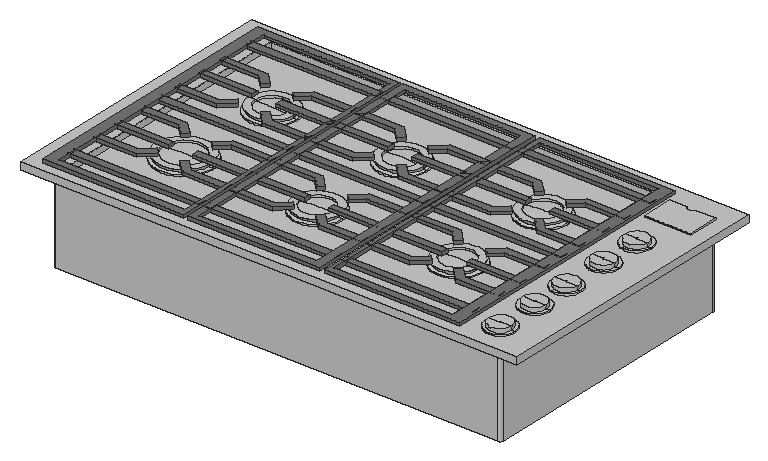
Revit family "DTG36M955F_Revit", category Specialty Equipment, Revit 2014
Parameters (values of type "DTG36M955F")
  Width = 36"
  WI FI HOOD CONNECTIVITY = "YES"
  VOLTS (V) = "120"
  Unit = Stainless Steel
  TOTAL NUMBER OF COOKTOP BURNERS = "5 (BRASS)"
  Support = Plastic-Black
  SEALED BURNERS = "YES"
  RIGHT REAR BURNER (BTU) = "9,500 (STACK BURNER)"
  RIGHT FRONT BURNER (BTU) = "9,500 (STACK BURNER)"
  Model = "DTG36M955F"
  Manufacturer = "Dacor"
  LP CONVERSION KIT = "YES"
  LIMITED, PARTS AND LABOR = "1 YEAR"
  LEFT REAR BURNER (BTU) = "13,000 (STACK BURNER)"
  LEFT FRONT BURNER (BTU) = "13,000 (STACK BURNER)"
  LED KNOB BACKLIGHT + INDICATOR = "YES"
  INSTALLATION TYPE = "LOW-PROFILE (FLUSH)"
  Height = 6 1/2"
  GAS TYPE = "NATURAL GAS"
  FREQUENCY (HZ) = "60"
  ENERGY SOURCE = "GAS AND ELECTRIC"
  DISHWASHER SAFE KNOBS = "YES"
  CONTROL LOCATION = "RIGHT"
  CIRCUIT BREAKER (A) = "15"
  CENTER BURNER POWER (BTU) = "18,500 (DUAL BURNER)"
  Burner = Stainless Steel
  Adjustment = Stainless Steel
  Description = "36-INCH GAS COOKTOP MODERNIST COLLECTION"
  Depth = 21"
  AUTOMATIC REIGNITION = "YES"
Reference planes (in)
  plane 1 "Center (Front/Back)": y = 0
  plane 2: z = 0
  plane 3 "Center (Left/Right)": x = 0
  plane 4: y = 10.5
  plane 5: y = -10.5
  plane 6: x = -18
  plane 7: x = 18
  plane 8: z = 6.5
  plane 9: y = -12.375
  plane 10: x = -16.25
  plane 11: x = 16.25
  plane 12: y = 9.75
  plane 13: y = -9.75
  plane 14: z = 6
Forms (in)
  Extrusion 1, solid, material "Stainless Steel" <- "Unit"
    sketch origin (0, 0, 0) x (1, 0, 0) y (0, 1, 0)
      loop
        arc (-16, 9.75) -> (-16.17678, 9.67678) -> (-16.25, 9.5) r 0.25
        line (-16.25, 9.5) -> (-16.25, -9.5)
        arc (-16.25, -9.5) -> (-16.17678, -9.67678) -> (-16, -9.75) r 0.25
        line (-16, -9.75) -> (16, -9.75)
        arc (16, -9.75) -> (16.17678, -9.67678) -> (16.25, -9.5) r 0.25
        line (16.25, -9.5) -> (16.25, 9.5)
        arc (16.25, 9.5) -> (16.17678, 9.67678) -> (16, 9.75) r 0.25
        line (16, 9.75) -> (-16, 9.75)
    from 0 to 6
  Extrusion 2, solid, material "Stainless Steel" <- "Unit"
    sketch origin (0, 0, 0) x (1, 0, 0) y (0, 1, 0)
      loop
        line (-18, 10.5) -> (-18, -10.5) -> (18, -10.5) -> (18, 10.5) -> (-18, 10.5)
      loop
        line (-15.6501, 9.25334) -> (-15.6501, -9.24666) -> (12.0999, -9.24666) -> (12.0999, 9.25334) -> (-15.6501, 9.25334)
    from 6 to 6.5
  Extrusion 3, solid, material "Plastic-Black" <- "Support"
    sketch origin (0, 0, 0) x (1, 0, 0) y (0, 1, 0)
      loop
        line (-17, 9.75) -> (-17, -9.75) -> (-6.71099, -9.75) -> (-6.71099, 9.75) -> (-17, 9.75)
      loop
        line (-16.17384, 9.33495) -> (-16.17384, -9.29005) -> (-7.04884, -9.29005) -> (-7.04884, 9.33495) -> (-16.17384, 9.33495)
      loop
        line (-6.44147, 9.75334) -> (-6.44147, -9.74666) -> (3.09754, -9.74666) -> (3.09754, 9.75334) -> (-6.44147, 9.75334)
      loop
        line (-5.99031, 9.33829) -> (-5.99031, -9.28671) -> (2.50969, -9.28671) -> (2.50969, 9.33829) -> (-5.99031, 9.33829)
      loop
        line (13.25, 9.75) -> (3.46099, 9.75) -> (3.46099, -9.75) -> (13.25, -9.75) -> (13.25, 9.75)
      loop
        line (12.42384, 9.33495) -> (3.79884, 9.33495) -> (3.79884, -9.29005) -> (12.42384, -9.29005) -> (12.42384, 9.33495)
    from 6.5 to 6.72965
  Extrusion 4, solid, material "Plastic-Black" <- "Support"
    sketch origin (0, 0, 0) x (1, 0, 0) y (0, 1, 0)
      loop
        line (-16.29884, 8.28127) -> (-16.29884, 7.76271) -> (-6.79884, 7.76271) -> (-6.79884, 8.28127) -> (-16.29884, 8.28127)
      loop
        line (-16.29884, 5.93857) -> (-16.29884, 5.43857) -> (-13.42384, 5.43857) -> (-12.71673, 4.73146) -> (-12.36318, 5.08501) -> (-13.21673, 5.93857) -> (-16.29884, 5.93857)
      loop
        line (-16.29884, 4.0261) -> (-16.29884, 3.5261) -> (-12.42384, 3.5261) -> (-12.42384, 4.0261) -> (-16.29884, 4.0261)
      loop
        line (-16.29884, 1.36362) -> (-13.21673, 1.36362) -> (-12.36318, 2.21718) -> (-12.71673, 2.57073) -> (-13.42384, 1.86362) -> (-16.29884, 1.86362) -> (-16.29884, 1.36362)
      loop
        line (-6.79884, 5.93857) -> (-9.88095, 5.93857) -> (-10.7345, 5.08501) -> (-10.38095, 4.73146) -> (-9.67384, 5.43857) -> (-6.79884, 5.43857) -> (-6.79884, 5.93857)
      loop
        line (-6.79884, 4.0261) -> (-10.67384, 4.0261) -> (-10.67384, 3.5261) -> (-6.79884, 3.5261) -> (-6.79884, 4.0261)
      loop
        line (-6.79884, 1.36362) -> (-6.79884, 1.86362) -> (-9.67384, 1.86362) -> (-10.38095, 2.57073) -> (-10.7345, 2.21718) -> (-9.88095, 1.36362) -> (-6.79884, 1.36362)
      loop
        line (-16.29884, -8.28127) -> (-6.79884, -8.28127) -> (-6.79884, -7.76271) -> (-16.29884, -7.76271) -> (-16.29884, -8.28127)
      loop
        line (-16.29884, -5.93857) -> (-13.21673, -5.93857) -> (-12.36318, -5.08501) -> (-12.71673, -4.73146) -> (-13.42384, -5.43857) -> (-16.29884, -5.43857) -> (-16.29884, -5.93857)
      loop
        line (-16.29884, -4.0261) -> (-12.42384, -4.0261) -> (-12.42384, -3.5261) -> (-16.29884, -3.5261) -> (-16.29884, -4.0261)
      loop
        line (-16.29884, -1.36362) -> (-16.29884, -1.86362) -> (-13.42384, -1.86362) -> (-12.71673, -2.57073) -> (-12.36318, -2.21718) -> (-13.21673, -1.36362) -> (-16.29884, -1.36362)
      loop
        line (-6.79884, -5.93857) -> (-6.79884, -5.43857) -> (-9.67384, -5.43857) -> (-10.38095, -4.73146) -> (-10.7345, -5.08501) -> (-9.88095, -5.93857) -> (-6.79884, -5.93857)
      loop
        line (-6.79884, -4.0261) -> (-6.79884, -3.5261) -> (-10.67384, -3.5261) -> (-10.67384, -4.0261) -> (-6.79884, -4.0261)
      loop
        line (-6.79884, -1.36362) -> (-9.88095, -1.36362) -> (-10.7345, -2.21718) -> (-10.38095, -2.57073) -> (-9.67384, -1.86362) -> (-6.79884, -1.86362) -> (-6.79884, -1.36362)
      loop
        line (-16.32668, -0.26855) -> (-6.82668, -0.26855) -> (-6.82668, 0.25) -> (-16.32668, 0.25) -> (-16.32668, -0.26855)
      loop
        line (-6.44147, 8.28127) -> (-6.44147, 7.76271) -> (3.05853, 7.76271) -> (3.05853, 8.28127) -> (-6.44147, 8.28127)
      loop
        line (-6.44147, 5.93857) -> (-6.44147, 5.43857) -> (-3.56647, 5.43857) -> (-2.85936, 4.73146) -> (-2.50581, 5.08501) -> (-3.35936, 5.93857) -> (-6.44147, 5.93857)
      loop
        line (-6.44147, 4.0261) -> (-6.44147, 3.5261) -> (-2.56647, 3.5261) -> (-2.56647, 4.0261) -> (-6.44147, 4.0261)
      loop
        line (-6.44147, 1.36362) -> (-3.35936, 1.36362) -> (-2.50581, 2.21718) -> (-2.85936, 2.57073) -> (-3.56647, 1.86362) -> (-6.44147, 1.86362) -> (-6.44147, 1.36362)
      loop
        line (3.05853, 5.93857) -> (-0.02357, 5.93857) -> (-0.87713, 5.08501) -> (-0.52357, 4.73146) -> (0.18353, 5.43857) -> (3.05853, 5.43857) -> (3.05853, 5.93857)
      loop
        line (3.05853, 4.0261) -> (-0.81647, 4.0261) -> (-0.81647, 3.5261) -> (3.05853, 3.5261) -> (3.05853, 4.0261)
      loop
        line (3.05853, 1.36362) -> (3.05853, 1.86362) -> (0.18353, 1.86362) -> (-0.52357, 2.57073) -> (-0.87713, 2.21718) -> (-0.02357, 1.36362) -> (3.05853, 1.36362)
      loop
        line (-6.44147, -8.28127) -> (3.05853, -8.28127) -> (3.05853, -7.76271) -> (-6.44147, -7.76271) -> (-6.44147, -8.28127)
      loop
        line (-6.44147, -5.93857) -> (-3.35936, -5.93857) -> (-2.50581, -5.08501) -> (-2.85936, -4.73146) -> (-3.56647, -5.43857) -> (-6.44147, -5.43857) -> (-6.44147, -5.93857)
      loop
        line (-6.44147, -4.0261) -> (-2.56647, -4.0261) -> (-2.56647, -3.5261) -> (-6.44147, -3.5261) -> (-6.44147, -4.0261)
      loop
        line (-6.44147, -1.36362) -> (-6.44147, -1.86362) -> (-3.56647, -1.86362) -> (-2.85936, -2.57073) -> (-2.50581, -2.21718) -> (-3.35936, -1.36362) -> (-6.44147, -1.36362)
      loop
        line (3.05853, -5.93857) -> (3.05853, -5.43857) -> (0.18353, -5.43857) -> (-0.52357, -4.73146) -> (-0.87713, -5.08501) -> (-0.02357, -5.93857) -> (3.05853, -5.93857)
      loop
        line (3.05853, -4.0261) -> (3.05853, -3.5261) -> (-0.81647, -3.5261) -> (-0.81647, -4.0261) -> (3.05853, -4.0261)
      loop
        line (3.05853, -1.36362) -> (-0.02357, -1.36362) -> (-0.87713, -2.21718) -> (-0.52357, -2.57073) -> (0.18353, -1.86362) -> (3.05853, -1.86362) -> (3.05853, -1.36362)
      loop
        line (-6.4693, -0.26855) -> (3.0307, -0.26855) -> (3.0307, 0.25) -> (-6.4693, 0.25) -> (-6.4693, -0.26855)
      loop
        line (3.54884, 8.28127) -> (3.54884, 7.76271) -> (13.04884, 7.76271) -> (13.04884, 8.28127) -> (3.54884, 8.28127)
      loop
        line (3.54884, 5.93857) -> (3.54884, 5.43857) -> (6.42384, 5.43857) -> (7.13095, 4.73146) -> (7.4845, 5.08501) -> (6.63095, 5.93857) -> (3.54884, 5.93857)
      loop
        line (3.54884, 4.0261) -> (3.54884, 3.5261) -> (7.42384, 3.5261) -> (7.42384, 4.0261) -> (3.54884, 4.0261)
      loop
        line (3.54884, 1.36362) -> (6.63095, 1.36362) -> (7.4845, 2.21718) -> (7.13095, 2.57073) -> (6.42384, 1.86362) -> (3.54884, 1.86362) -> (3.54884, 1.36362)
      loop
        line (13.04884, 5.93857) -> (9.96673, 5.93857) -> (9.11318, 5.08501) -> (9.46673, 4.73146) -> (10.17384, 5.43857) -> (13.04884, 5.43857) -> (13.04884, 5.93857)
      loop
        line (13.04884, 4.0261) -> (9.17384, 4.0261) -> (9.17384, 3.5261) -> (13.04884, 3.5261) -> (13.04884, 4.0261)
      loop
        line (13.04884, 1.36362) -> (13.04884, 1.86362) -> (10.17384, 1.86362) -> (9.46673, 2.57073) -> (9.11318, 2.21718) -> (9.96673, 1.36362) -> (13.04884, 1.36362)
      loop
        line (3.54884, -8.28127) -> (13.04884, -8.28127) -> (13.04884, -7.76271) -> (3.54884, -7.76271) -> (3.54884, -8.28127)
      loop
        line (3.54884, -5.93857) -> (6.63095, -5.93857) -> (7.4845, -5.08501) -> (7.13095, -4.73146) -> (6.42384, -5.43857) -> (3.54884, -5.43857) -> (3.54884, -5.93857)
      loop
        line (3.54884, -4.0261) -> (7.42384, -4.0261) -> (7.42384, -3.5261) -> (3.54884, -3.5261) -> (3.54884, -4.0261)
      loop
        line (3.54884, -1.36362) -> (3.54884, -1.86362) -> (6.42384, -1.86362) -> (7.13095, -2.57073) -> (7.4845, -2.21718) -> (6.63095, -1.36362) -> (3.54884, -1.36362)
      loop
        line (13.04884, -5.93857) -> (13.04884, -5.43857) -> (10.17384, -5.43857) -> (9.46673, -4.73146) -> (9.11318, -5.08501) -> (9.96673, -5.93857) -> (13.04884, -5.93857)
      loop
        line (13.04884, -4.0261) -> (13.04884, -3.5261) -> (9.17384, -3.5261) -> (9.17384, -4.0261) -> (13.04884, -4.0261)
      loop
        line (13.04884, -1.36362) -> (9.96673, -1.36362) -> (9.11318, -2.21718) -> (9.46673, -2.57073) -> (10.17384, -1.86362) -> (13.04884, -1.86362) -> (13.04884, -1.36362)
      loop
        line (3.521, -0.26855) -> (13.021, -0.26855) -> (13.021, 0.25) -> (3.521, 0.25) -> (3.521, -0.26855)
    from 6.5 to 6.72965
  Revolve 5, solid, material "Stainless Steel" <- "Burner"
    sketch origin (1.35402, -3.68833, 0) x (1, 0, 0) y (0, 0, 1)
      loop
        line (-12.94426, 6) -> (-12.94426, 6.36563) -> (-14.4001, 6.2496) -> (-14.4001, 6.36563) -> (-14.9001, 6.36563) -> (-14.7751, 6.14912) -> (-15.01658, 6.08442) -> (-15.01658, 6) -> (-12.94426, 6)
      axis (-12.94426, 6) -> (-12.94426, 6.36563)
    angle from 0 to 360
  Revolve 6, solid, material "Stainless Steel" <- "Burner"
    sketch origin (1.85402, 3.68833, 0) x (1, 0, 0) y (0, 0, -1)
      loop
        line (-12.94426, -6) -> (-14.73533, -6) -> (-14.73533, -6.08442) -> (-14.49385, -6.14912) -> (-14.61885, -6.36563) -> (-14.11885, -6.36563) -> (-14.11885, -6.2496) -> (-12.94426, -6.3242) -> (-12.94426, -6)
      axis (-12.94426, -6) -> (-12.94426, -6.36563)
    angle from 0 to 360
  Revolve 7, solid, material "Stainless Steel" <- "Burner"
    sketch origin (-12.60402, 3.68833, 0) x (-1, 0, 0) y (0, 0, 1)
      loop
        line (-10.94426, 6) -> (-10.94426, 6.33104) -> (-12.11885, 6.2496) -> (-12.11885, 6.36563) -> (-12.61885, 6.36563) -> (-12.49385, 6.14912) -> (-12.73533, 6.08442) -> (-12.73533, 6) -> (-10.94426, 6)
      axis (-10.94426, 6) -> (-10.94426, 6.36563)
    angle from 0 to 360
  Revolve 8, solid, material "Stainless Steel" <- "Burner"
    sketch origin (-12.85402, -3.68833, 0) x (-1, 0, 0) y (0, 0, -1)
      loop
        line (-10.94426, -6) -> (-12.73533, -6) -> (-12.73533, -6.08442) -> (-12.49385, -6.14912) -> (-12.61885, -6.36563) -> (-12.11885, -6.36563) -> (-12.11885, -6.2496) -> (-10.94426, -6.3344) -> (-10.94426, -6)
      axis (-10.94426, -6) -> (-10.94426, -6.36563)
    angle from 0 to 360
  Revolve 9, solid, material "Stainless Steel" <- "Adjustment"
    sketch origin (0.875, -5.25, 0) x (1, 0, 0) y (0, 0, 1)
      loop
        line (13.17081, 6.5) -> (14.23655, 6.5) -> (14.23655, 6.78923) -> (14.20206, 6.78923) -> (14.20206, 6.82234) -> (13.42081, 6.82234) -> (13.42081, 6.57234) -> (13.17081, 6.57234) -> (13.17081, 6.5)
      axis (14.23655, 6.5) -> (14.23655, 6.82234)
    angle from 0 to 360
  Revolve 10, solid, material "Stainless Steel" <- "Adjustment"
    sketch origin (0.875, -2.375, 0) x (1, 0, 0) y (0, 0, 1)
      loop
        line (13.17081, 6.5) -> (14.23655, 6.5) -> (14.23655, 6.78923) -> (14.20206, 6.78923) -> (14.20206, 6.82234) -> (13.42081, 6.82234) -> (13.42081, 6.57234) -> (13.17081, 6.57234) -> (13.17081, 6.5)
      axis (14.23655, 6.5) -> (14.23655, 6.82234)
    angle from 0 to 360
  Revolve 11, solid, material "Stainless Steel" <- "Adjustment"
    sketch origin (0.875, 1, 0) x (1, 0, 0) y (0, 0, 1)
      loop
        line (13.17081, 6.5) -> (14.23655, 6.5) -> (14.23655, 6.78923) -> (14.20206, 6.78923) -> (14.20206, 6.82234) -> (13.42081, 6.82234) -> (13.42081, 6.57234) -> (13.17081, 6.57234) -> (13.17081, 6.5)
      axis (14.23655, 6.5) -> (14.23655, 6.82234)
    angle from 0 to 360
  Revolve 12, solid, material "Stainless Steel" <- "Adjustment"
    sketch origin (0.875, 4, 0) x (1, 0, 0) y (0, 0, 1)
      loop
        line (13.17081, 6.5) -> (14.23655, 6.5) -> (14.23655, 6.78923) -> (14.20206, 6.78923) -> (14.20206, 6.82234) -> (13.42081, 6.82234) -> (13.42081, 6.57234) -> (13.17081, 6.57234) -> (13.17081, 6.5)
      axis (14.23655, 6.5) -> (14.23655, 6.82234)
    angle from 0 to 360
  Extrusion 13, solid, material "Stainless Steel" <- "Adjustment"
    sketch origin (0.625, 0, 0) x (1, 0, 0) y (0, 1, 0)
      loop
        line (12.91533, 8.92883) -> (12.91533, 6.67424) -> (16.25, 6.67424) -> (16.25, 8.92883) -> (14.8102, 8.92883)
        arc (14.8102, 8.92883) -> (14.48777, 8.72222) -> (14.16533, 8.92883) r 0.35489
        line (14.16533, 8.92883) -> (12.91533, 8.92883)
    from 6.5 to 6.57234
  Revolve 14, solid, material "Stainless Steel" <- "Burner"
    sketch origin (-2.60402, 3.93833, 0) x (-1, 0, 0) y (0, 0, 1)
      loop
        line (-10.94426, 6) -> (-10.94426, 6.33104) -> (-12.11885, 6.2496) -> (-12.11885, 6.36563) -> (-12.61885, 6.36563) -> (-12.49385, 6.14912) -> (-12.73533, 6.08442) -> (-12.73533, 6) -> (-10.94426, 6)
      axis (-10.94426, 6) -> (-10.94426, 6.36563)
    angle from 0 to 360
  Revolve 15, solid, material "Stainless Steel" <- "Burner"
    sketch origin (-2.85402, -3.43833, 0) x (-1, 0, 0) y (0, 0, -1)
      loop
        line (-10.94426, -6) -> (-12.73533, -6) -> (-12.73533, -6.08442) -> (-12.49385, -6.14912) -> (-12.61885, -6.36563) -> (-12.11885, -6.36563) -> (-12.11885, -6.2496) -> (-10.94426, -6.3344) -> (-10.94426, -6)
      axis (-10.94426, -6) -> (-10.94426, -6.36563)
    angle from 0 to 360
  Revolve 16, solid, material "Stainless Steel" <- "Adjustment"
    sketch origin (0.875, -8.375, 0) x (1, 0, 0) y (0, 0, 1)
      loop
        line (13.17081, 6.5) -> (14.23655, 6.5) -> (14.23655, 6.78923) -> (14.20206, 6.78923) -> (14.20206, 6.82234) -> (13.42081, 6.82234) -> (13.42081, 6.57234) -> (13.17081, 6.57234) -> (13.17081, 6.5)
      axis (14.23655, 6.5) -> (14.23655, 6.82234)
    angle from 0 to 360
Dimensions and locks (in)
  equal spacing: plane 6, plane 3 "Center (Left/Right)", plane 7
  "Width": plane 6 to plane 7
  equal spacing: plane 4, plane 1 "Center (Front/Back)", plane 5
  "Depth": plane 4 to plane 5
  "Height": plane 8 to plane 2
  plane 5 to plane 9 = 1 7/8"
  equal spacing: plane 10, plane 3 "Center (Left/Right)", plane 11
  plane 10 to plane 11 = 32 1/2"
  equal spacing: plane 12, plane 1 "Center (Front/Back)", plane 13
  plane 12 to plane 13 = 19 1/2"
  plane 8 to plane 14 = 1/2"
  aligned and locked: level to plane 2
  aligned and locked: plane 14 to Extrusion 1
Automatic sketch dimensions
  Extrusion 1 sketch curve to plane 10 = 0"
  Extrusion 1 sketch curve to plane 13 = 0"
  Extrusion 1 sketch curve to plane 12 = 0"
  Extrusion 1 sketch curve to plane 11 = 0"
  plane 10 to Extrusion 1 sketch curve = 1/4"  (x2)
  Extrusion 1 sketch curve to plane 11 = 1/4"
  Extrusion 1 sketch curve to Extrusion 1 sketch curve = 1/4"
  Extrusion 2 sketch curve to plane 5 = 0"
  Extrusion 2 sketch curve to plane 6 = 0"
  Extrusion 2 sketch curve to plane 4 = 0"
  Extrusion 2 sketch curve to plane 7 = 0"
  plane 10 to Extrusion 2 sketch curve = 0.5999"
  Extrusion 2 sketch curve to plane 12 = 0.49666"
  Extrusion 2 sketch curve to plane 11 = 4.1501"
  plane 13 to Extrusion 2 sketch curve = 0.50334"
  Extrusion 3 sketch curve to plane 13 = 0"  (x2)
  Extrusion 3 sketch curve to plane 12 = 0"  (x2)
  Extrusion 3 sketch curve to plane 10 = 3/4"
  plane 10 to Extrusion 3 sketch curve = 0.07616"
  Extrusion 3 sketch curve to plane 12 = 0.41505"  (x2)
  Extrusion 3 sketch curve to plane 3 "Center (Left/Right)" = 7.04884"
  Extrusion 3 sketch curve to Extrusion 3 sketch curve = 0.33785"  (x2)
  plane 13 to Extrusion 3 sketch curve = 0.00334"
  Extrusion 3 sketch curve to Extrusion 3 sketch curve = 69/256"
  Extrusion 3 sketch curve to Extrusion 3 sketch curve = 0.45116"
  Extrusion 3 sketch curve to plane 12 = 0.41171"
  plane 3 "Center (Left/Right)" to Extrusion 3 sketch curve = 2.50969"
  plane 12 to Extrusion 3 sketch curve = 0.00334"
  Extrusion 3 sketch curve to Extrusion 3 sketch curve = 0.58785"
  Extrusion 3 sketch curve to Extrusion 3 sketch curve = 0.36345"
  Extrusion 3 sketch curve to plane 11 = 3.82616"
  Extrusion 3 sketch curve to Extrusion 3 sketch curve = 0.82616"
  plane 13 to Extrusion 3 sketch curve = 0.45995"  (x2)
  plane 13 to Extrusion 3 sketch curve = 0.46329"
  Extrusion 4 sketch curve to plane 10 = 0.07668"
  Extrusion 4 sketch curve to plane 10 = 0.04884"  (x8)
  plane 10 to Extrusion 4 sketch curve = 2.82616"  (x4)
  Extrusion 4 sketch curve to Extrusion 4 sketch curve = 0.20711"  (x20)
  plane 1 "Center (Front/Back)" to Extrusion 4 sketch curve = 1.36362"  (x3)
  Extrusion 4 sketch curve to plane 1 "Center (Front/Back)" = 1.36362"  (x4)
  Extrusion 4 sketch curve to Extrusion 4 sketch curve = 0.70711"  (x12)
  Extrusion 4 sketch curve to Extrusion 4 sketch curve = 0.29289"  (x6)
  plane 1 "Center (Front/Back)" to Extrusion 4 sketch curve = 2.21718"  (x2)
  Extrusion 4 sketch curve to Extrusion 4 sketch curve = 0.35355"  (x29)
  Extrusion 4 sketch curve to plane 1 "Center (Front/Back)" = 2.21718"  (x3)
  Extrusion 4 sketch curve to Extrusion 4 sketch curve = 1.62868"  (x8)
  Extrusion 4 sketch curve to Extrusion 4 sketch curve = 0.06066"  (x4)
  plane 1 "Center (Front/Back)" to Extrusion 4 sketch curve = 2.57073"  (x3)
  Extrusion 4 sketch curve to plane 1 "Center (Front/Back)" = 2.57073"  (x3)
  Extrusion 4 sketch curve to plane 12 = 3.81143"  (x2)
  Extrusion 4 sketch curve to Extrusion 4 sketch curve = 0.85355"  (x8)
  plane 13 to Extrusion 4 sketch curve = 3.81143"
  plane 13 to Extrusion 4 sketch curve = 4.31143"
  plane 1 "Center (Front/Back)" to Extrusion 4 sketch curve = 0.26855"  (x3)
  Extrusion 4 sketch curve to Extrusion 4 sketch curve = 3.05427"
  Extrusion 4 sketch curve to Extrusion 4 sketch curve = 0.02784"  (x6)
  Extrusion 4 sketch curve to Extrusion 4 sketch curve = 2 7/8"  (x12)
  Extrusion 4 sketch curve to Extrusion 4 sketch curve = 0"  (x31)
  Extrusion 4 sketch curve to Extrusion 4 sketch curve = 0.35738"  (x9)
  Extrusion 4 sketch curve to plane 3 "Center (Left/Right)" = 0.87713"  (x4)
  Extrusion 4 sketch curve to plane 3 "Center (Left/Right)" = 0.81647"  (x2)
  Extrusion 4 sketch curve to plane 3 "Center (Left/Right)" = 0.02357"  (x4)
  plane 3 "Center (Left/Right)" to Extrusion 4 sketch curve = 0.18353"  (x4)
  Extrusion 4 sketch curve to plane 1 "Center (Front/Back)" = 1/4"  (x3)
  plane 3 "Center (Left/Right)" to Extrusion 4 sketch curve = 3.0307"
  Extrusion 4 sketch curve to Extrusion 4 sketch curve = 0.49031"  (x9)
  plane 1 "Center (Front/Back)" to Extrusion 4 sketch curve = 1.86362"
  plane 13 to Extrusion 4 sketch curve = 4.66499"
  Extrusion 4 sketch curve to plane 12 = 4.66499"
  Extrusion 4 sketch curve to plane 1 "Center (Front/Back)" = 4.73146"
  plane 1 "Center (Front/Back)" to Extrusion 4 sketch curve = 4.73146"
  Extrusion 4 sketch curve to plane 11 = 3.229"
  plane 13 to Extrusion 4 sketch curve = 1.98729"
  Extrusion 4 sketch curve to Extrusion 4 sketch curve = 0.51855"  (x3)
  Extrusion 4 sketch curve to Extrusion 4 sketch curve = 1.20711"  (x2)
  Extrusion 4 sketch curve to Extrusion 4 sketch curve = 1.82415"  (x2)
  Extrusion 4 sketch curve to Extrusion 4 sketch curve = 1/2"  (x12)
  Extrusion 4 sketch curve to Extrusion 4 sketch curve = 1.41247"  (x2)
  Extrusion 4 sketch curve to Extrusion 4 sketch curve = 0.70536"  (x7)
  Extrusion 4 sketch curve to Extrusion 4 sketch curve = 0.95536"  (x5)
  Extrusion 4 sketch curve to Extrusion 4 sketch curve = 1.66247"
  Revolve 5 sketch curve to plane 14 = 0"
  plane 10 to Revolve 5 sketch curve = 2.58744"
  Revolve 5 sketch curve to plane 8 = 0.13437"  (x2)
  Revolve 5 sketch curve to Revolve 5 sketch curve = 0.11648"
  plane 14 to Revolve 5 sketch curve = 0.14912"
  Revolve 5 sketch curve to Revolve 5 sketch curve = 0.24148"
  Revolve 5 sketch curve to Revolve 5 sketch curve = 3/8"
  Revolve 5 sketch curve to Revolve 5 sketch curve = 1.45584"
  Revolve 5 sketch curve to Revolve 5 sketch curve = 0.08442"
  Revolve 5 sketch curve to Revolve 5 sketch curve = 0.11603"
  Revolve 5 sketch curve to Revolve 5 sketch curve = 0"
  Revolve 5 sketch curve to Revolve 5 sketch curve = 0.0837"
  Revolve 5 sketch curve to Revolve 5 sketch curve = 0.05293"
  Revolve 6 sketch curve to plane 14 = 0"
  plane 10 to Revolve 6 sketch curve = 3.36869"
  Revolve 6 sketch curve to plane 8 = 0.13437"
  Revolve 6 sketch curve to Revolve 6 sketch curve = 0.11648"
  plane 14 to Revolve 6 sketch curve = 0.14912"
  Revolve 6 sketch curve to Revolve 6 sketch curve = 0.24148"
  Revolve 6 sketch curve to Revolve 6 sketch curve = 3/8"
  Revolve 6 sketch curve to Revolve 6 sketch curve = 1.17459"
  Revolve 6 sketch curve to plane 8 = 0.1758"
  Revolve 6 sketch curve to Revolve 6 sketch curve = 0.11603"
  plane 14 to Revolve 6 sketch curve = 0.08442"
  Revolve 6 sketch curve to Revolve 6 sketch curve = 0"
  Revolve 6 sketch curve to plane 8 = 0.08145"
  Revolve 6 sketch curve to Revolve 6 sketch curve = 0.0837"
  Revolve 7 sketch curve to plane 14 = 0"
  plane 3 "Center (Left/Right)" to Revolve 7 sketch curve = 0.13131"
  plane 3 "Center (Left/Right)" to Revolve 7 sketch curve = 0.01483"
  Revolve 7 sketch curve to plane 3 "Center (Left/Right)" = 0.11017"
  Revolve 7 sketch curve to plane 8 = 0.13437"
  Revolve 7 sketch curve to Revolve 7 sketch curve = 3/8"
  Revolve 7 sketch curve to Revolve 7 sketch curve = 1.17459"
  Revolve 7 sketch curve to Revolve 7 sketch curve = 0.08442"
  plane 14 to Revolve 7 sketch curve = 0.14912"
  Revolve 7 sketch curve to Revolve 7 sketch curve = 0.11603"
  Revolve 7 sketch curve to plane 8 = 0.16896"
  Revolve 7 sketch curve to Revolve 7 sketch curve = 0"
  Revolve 7 sketch curve to Revolve 7 sketch curve = 0.0837"
  Revolve 7 sketch curve to plane 8 = 0.08145"
  Revolve 8 sketch curve to plane 14 = 0"
  Revolve 8 sketch curve to plane 3 "Center (Left/Right)" = 0.11869"
  Revolve 8 sketch curve to plane 3 "Center (Left/Right)" = 0.23517"
  plane 14 to Revolve 8 sketch curve = 0.14912"
  Revolve 8 sketch curve to Revolve 8 sketch curve = 1/8"
  Revolve 8 sketch curve to plane 8 = 0.13437"
  Revolve 8 sketch curve to Revolve 8 sketch curve = 3/8"
  Revolve 8 sketch curve to Revolve 8 sketch curve = 1.17459"
  Revolve 8 sketch curve to plane 8 = 0.1656"
  Revolve 8 sketch curve to Revolve 8 sketch curve = 0.11603"
  Revolve 8 sketch curve to Revolve 8 sketch curve = 0.08442"
  Revolve 8 sketch curve to Revolve 8 sketch curve = 0"
  Revolve 8 sketch curve to plane 8 = 0.08145"
  Revolve 8 sketch curve to Revolve 8 sketch curve = 0.0837"
  Revolve 9 sketch curve to plane 8 = 0"
  Revolve 9 sketch curve to plane 11 = 2.20419"
  Revolve 9 sketch curve to Revolve 9 sketch curve = 1/4"  (x2)
  plane 8 to Revolve 9 sketch curve = 0.28923"
  Revolve 9 sketch curve to Revolve 9 sketch curve = 25/32"
  Revolve 9 sketch curve to Revolve 9 sketch curve = 0.03449"
  Revolve 9 sketch curve to Revolve 9 sketch curve = 0.07234"
  Revolve 9 sketch curve to Revolve 9 sketch curve = 0"
  Revolve 9 sketch curve to Revolve 9 sketch curve = 0.05786"
  Revolve 9 sketch curve to Revolve 9 sketch curve = 0.07336"
  Revolve 10 sketch curve to plane 8 = 0"
  Revolve 10 sketch curve to plane 11 = 2.20419"
  Revolve 10 sketch curve to Revolve 10 sketch curve = 1/4"  (x2)
  plane 8 to Revolve 10 sketch curve = 0.28923"
  Revolve 10 sketch curve to Revolve 10 sketch curve = 25/32"
  Revolve 10 sketch curve to Revolve 10 sketch curve = 0.03449"
  Revolve 10 sketch curve to Revolve 10 sketch curve = 0.07234"
  Revolve 10 sketch curve to Revolve 10 sketch curve = 0"
  Revolve 10 sketch curve to Revolve 10 sketch curve = 0.05786"
  Revolve 10 sketch curve to Revolve 10 sketch curve = 0.07336"
  Revolve 11 sketch curve to plane 8 = 0"
  Revolve 11 sketch curve to plane 11 = 2.20419"
  Revolve 11 sketch curve to Revolve 11 sketch curve = 1/4"  (x2)
  plane 8 to Revolve 11 sketch curve = 0.28923"
  Revolve 11 sketch curve to Revolve 11 sketch curve = 25/32"
  Revolve 11 sketch curve to Revolve 11 sketch curve = 0.03449"
  Revolve 11 sketch curve to Revolve 11 sketch curve = 0.07234"
  Revolve 11 sketch curve to Revolve 11 sketch curve = 0"
  Revolve 11 sketch curve to Revolve 11 sketch curve = 0.05786"
  Revolve 11 sketch curve to Revolve 11 sketch curve = 0.07336"
  Revolve 12 sketch curve to plane 8 = 0"
  Revolve 12 sketch curve to plane 11 = 2.20419"
  Revolve 12 sketch curve to Revolve 12 sketch curve = 1/4"  (x2)
  plane 8 to Revolve 12 sketch curve = 0.28923"
  Revolve 12 sketch curve to Revolve 12 sketch curve = 25/32"
  Revolve 12 sketch curve to Revolve 12 sketch curve = 0.03449"
  Revolve 12 sketch curve to Revolve 12 sketch curve = 0.07234"
  Revolve 12 sketch curve to Revolve 12 sketch curve = 0"
  Revolve 12 sketch curve to Revolve 12 sketch curve = 0.05786"
  Revolve 12 sketch curve to Revolve 12 sketch curve = 0.07336"
  Extrusion 13 sketch curve to plane 11 = 2.70967"
  Extrusion 13 sketch curve to Extrusion 13 sketch curve = 1 1/4"
  Extrusion 13 sketch curve to Extrusion 13 sketch curve = 0.32243"  (x2)
  plane 11 to Extrusion 13 sketch curve = 5/8"
  Extrusion 13 sketch curve to plane 12 = 3.07576"
  Extrusion 13 sketch curve to plane 12 = 0.82117"
  Extrusion 13 sketch curve to Extrusion 13 sketch curve = 0.14828"
  Revolve 14 sketch curve to plane 14 = 0"
  Revolve 14 sketch curve to plane 11 = 6.11869"
  Revolve 14 sketch curve to plane 8 = 0.13437"
  Revolve 14 sketch curve to Revolve 14 sketch curve = 0.11648"
  plane 14 to Revolve 14 sketch curve = 0.14912"
  Revolve 14 sketch curve to Revolve 14 sketch curve = 1/8"
  Revolve 14 sketch curve to Revolve 14 sketch curve = 3/8"
  Revolve 14 sketch curve to Revolve 14 sketch curve = 1.17459"
  Revolve 14 sketch curve to Revolve 14 sketch curve = 0.08442"
  Revolve 14 sketch curve to Revolve 14 sketch curve = 0.11603"
  Revolve 14 sketch curve to plane 8 = 0.16896"
  Revolve 14 sketch curve to Revolve 14 sketch curve = 0"
  Revolve 14 sketch curve to Revolve 14 sketch curve = 0.0837"
  Revolve 14 sketch curve to plane 8 = 0.08145"
  Revolve 15 sketch curve to plane 14 = 0"
  Revolve 15 sketch curve to plane 11 = 6.36869"
  Revolve 15 sketch curve to plane 8 = 0.13437"
  Revolve 15 sketch curve to Revolve 15 sketch curve = 0.11648"
  plane 14 to Revolve 15 sketch curve = 0.14912"
  Revolve 15 sketch curve to Revolve 15 sketch curve = 1/8"
  Revolve 15 sketch curve to Revolve 15 sketch curve = 3/8"
  Revolve 15 sketch curve to Revolve 15 sketch curve = 1.17459"
  Revolve 15 sketch curve to plane 8 = 0.1656"
  Revolve 15 sketch curve to Revolve 15 sketch curve = 0.11603"
  Revolve 15 sketch curve to Revolve 15 sketch curve = 0.08442"
  Revolve 15 sketch curve to Revolve 15 sketch curve = 0"
  Revolve 15 sketch curve to plane 8 = 0.08145"
  Revolve 15 sketch curve to Revolve 15 sketch curve = 0.0837"
  Revolve 16 sketch curve to plane 8 = 0"
  Revolve 16 sketch curve to plane 11 = 2.20419"
  Revolve 16 sketch curve to Revolve 16 sketch curve = 1/4"  (x2)
  plane 8 to Revolve 16 sketch curve = 0.28923"
  Revolve 16 sketch curve to Revolve 16 sketch curve = 25/32"
  Revolve 16 sketch curve to Revolve 16 sketch curve = 0.03449"
  Revolve 16 sketch curve to Revolve 16 sketch curve = 0.07234"
  Revolve 16 sketch curve to Revolve 16 sketch curve = 0"
  Revolve 16 sketch curve to Revolve 16 sketch curve = 0.05786"
  Revolve 16 sketch curve to Revolve 16 sketch curve = 0.07336"
